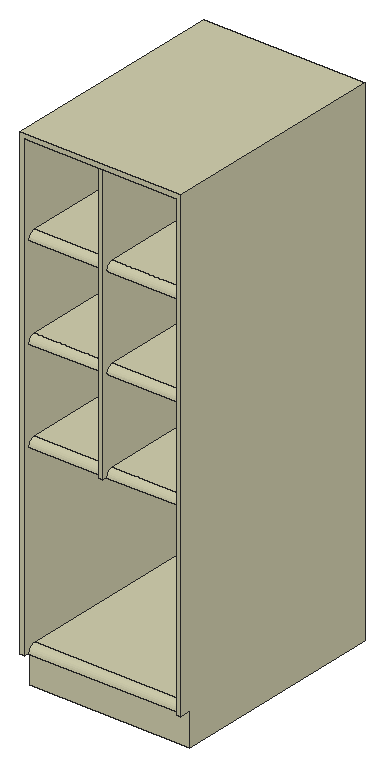
Revit family "Wenger Cabinet 07", category Furniture, Revit 2011
Parameters (values of type "Standard Cabinet #7")
  URL = "http://www.wengercorp.com/Home/Contact.html"
  Toekick Material [instance] = none
  RH End Panel [instance] = no
  Model = "07"
  Manufacturer = "Wenger Corporation"
  LH End Panel [instance] = no
  End Panel Material [instance] = none
  Edge Banding Material [instance] = none
  Door Material [instance] = none
  Description = "Standard Cabinet #7"
  Cabinet Width = 2' - 3 1/2"
  Cabinet Label = Labels : Standard
  Cabinet Height = 7' - 1 5/8"
  Cabinet Depth = 3' - 3 1/4"
  Cabinet Back Thickness = 0' - 0 3/4"
  Assembly Code = ""
Types (4): name | Model | Description | Cabinet Width | Cabinet Label | Cabinet Depth | Cabinet Back Thickness
  Standard Cabinet #7 | "07" | "Standard Cabinet #7" | 2' - 3 1/2" | Labels : Standard | 3' - 3 1/4" | 0' - 0 3/4"
  Acoustic Cabinet #7 | "07A" | "Acoustic Cabinet #7" | 2' - 3 1/2" | Labels : Acoustic | 3' - 5 3/4" | 0' - 3 1/4"
  Narrow Acoustic Cabinet #7 | "07NA" | "Narrow Acoustic Cabinet #7" | 1' - 9 1/2" | Labels : Narrow Acoustic | 3' - 5 3/4" | 0' - 3 1/4"
  Narrow Cabinet #7 | "07N" | "Narrow Cabinet #7" | 1' - 9 1/2" | Labels : Narrow | 3' - 3 1/4" | 0' - 0 3/4"
Reference planes (in)
  plane 1 "Front": y = 0
  plane 2: z = 0
  plane 3 "Left": x = 0
  plane 4 "Right": x = 27.5
  plane 5 "Back": y = 39.25
  plane 6 "Top": z = 85.625
  plane 7: z = 5.625
  plane 8: z = 21.475
  plane 9: z = 37.325
  plane 10: z = 53.175
  plane 11: z = 69.025
  plane 12: x = 0.75
  plane 13: x = 26.75
  plane 14: z = 84.875
  plane 15: x = 13.375
  plane 16: x = 14.125
  plane 17: y = 38.5
  plane 18: y = 2
  plane 19: y = 0.75
  plane 20: z = 22.6
  plane 21: z = 38.45
  plane 22: z = 54.3
  plane 23: z = 70.15
  plane 24: z = 6.75
Forms (in)
  Extrusion 1, solid, material "Wenger - Oyster"
    sketch origin (0, 0, 0) x (0, 1, 0) y (0, 0, 1)
      loop
        line (0, 85.625) -> (0, 5.625) -> (2, 5.625) -> (2, 0) -> (39.25, 0) -> (39.25, 85.625) -> (0, 85.625)
    from 0 to 27.5
  Extrusion 2, void
    sketch origin (0, 0, 0) x (0, 1, 0) y (0, 0, 1)
      loop
        line (-5.5, 84.875) -> (-5.5, 37.325) -> (0.75, 37.325)
        arc (0.75, 37.325) -> (1.18296, 38.10088) -> (2, 38.45) r 1.375
        line (2, 38.45) -> (38.5, 38.45) -> (38.5, 53.175) -> (0.75, 53.175)
        arc (0.75, 53.175) -> (1.18296, 53.95088) -> (2, 54.3) r 1.375
        line (2, 54.3) -> (38.5, 54.3) -> (38.5, 69.025) -> (0.75, 69.025)
        arc (0.75, 69.025) -> (1.18296, 69.80088) -> (2, 70.15) r 1.375
        line (2, 70.15) -> (38.5, 70.15) -> (38.5, 84.875) -> (-5.5, 84.875)
    from 0.75 to 13.375
  Extrusion 3, void
    sketch origin (0, 0, 0) x (0, 1, 0) y (0, 0, 1)
      loop
        line (-5.5, 84.875) -> (-5.5, 37.325) -> (0.75, 37.325)
        arc (0.75, 37.325) -> (1.18296, 38.10088) -> (2, 38.45) r 1.375
        line (2, 38.45) -> (38.5, 38.45) -> (38.5, 53.175) -> (0.75, 53.175)
        arc (0.75, 53.175) -> (1.18296, 53.95088) -> (2, 54.3) r 1.375
        line (2, 54.3) -> (38.5, 54.3) -> (38.5, 69.025) -> (0.75, 69.025)
        arc (0.75, 69.025) -> (1.18296, 69.80088) -> (2, 70.15) r 1.375
        line (2, 70.15) -> (38.5, 70.15) -> (38.5, 84.875) -> (-5.5, 84.875)
    from 14.125 to 26.75
  Extrusion 4, void
    sketch origin (0, 0, 0) x (0, 1, 0) y (0, 0, 1)
      loop
        line (0, 84.875) -> (0, 5.625) -> (0.0625, 5.625) -> (0.0625, 84.875) -> (0, 84.875)
    from 0.75 to 26.75
  Extrusion 5, void
    sketch origin (0, 0, 0) x (0, 1, 0) y (0, 0, 1)
      loop
        arc (0.75, 5.625) -> (1.22263, 6.43197) -> (2.10208, 6.75) r 1.375
        line (2.10208, 6.75) -> (38.5, 6.75) -> (38.5, 37.325) -> (-13.14123, 37.325) -> (-13.14123, 5.625) -> (0.75, 5.625)
    from 0.75 to 26.75
Cuts and joins
  Extrusion 2, Extrusion 3, Extrusion 4, Extrusion 5 cuts Extrusion 1
Lines and regions (in)
  symbolic lines
    curve 1: line (0, 39.25, 0) -> (27.5, 39.25, 0)
    curve 2: line (0, 0, 0) -> (0, 39.25, 0)
    curve 3: line (27.5, 0, 0) -> (0, 0, 0)
    curve 4: line (27.5, 39.25, 0) -> (27.5, 0, 0)
Dimensions and locks (in)
  locked: plane 3 "Left" to plane 12 at 0.75
  locked: plane 15 to plane 16 at 0.75
  locked: plane 13 to plane 4 "Right" at 0.75
  "Cabinet Back Thickness": plane 5 "Back" to plane 17
  locked: plane 1 "Front" to plane 19 at 0.75
  locked: plane 1 "Front" to plane 18 at 2
  locked: plane 20 to plane 8 at 1.125
  locked: plane 21 to plane 9 at 1.125
  locked: plane 22 to plane 10 at 1.125
  locked: plane 23 to plane 11 at 1.125
  locked: plane 6 "Top" to plane 14 at 0.75
  equal spacing: plane 14, plane 11, plane 10, plane 9, plane 8, plane 7
  locked: plane 24 to plane 7 at 1.125
  equal spacing: plane 13, plane 15, plane 3 "Left"
  "Cabinet Width": plane 3 "Left" to plane 4 "Right"
  locked: plane 7 to level at 5.625
  "Cabinet Height": plane 6 "Top" to level
  "Cabinet Depth": plane 1 "Front" to plane 5 "Back"
  plane 12 to plane 13 = 2' - 2"
  plane 14 to plane 7 = 6' - 7 1/4"
  aligned and locked: Extrusion 1 sketch curve to plane 6 "Top"
  aligned and locked: Extrusion 1 sketch curve to plane 5 "Back"
  aligned and locked: Extrusion 1 sketch curve to plane 1 "Front"
  aligned and locked: Extrusion 1 sketch curve to plane 7
  aligned and locked: Extrusion 1 sketch curve to plane 18
  aligned and locked: Extrusion 1 sketch curve to level
  aligned and locked: Extrusion 1 to plane 4 "Right"
  aligned and locked: Extrusion 1 to plane 3 "Left"
  aligned and locked: Extrusion 2 sketch curve to plane 14
  aligned and locked: Extrusion 2 sketch curve to plane 17
  aligned and locked: Extrusion 2 sketch curve to plane 11
  aligned and locked: Extrusion 2 sketch curve to plane 22
  aligned and locked: Extrusion 2 sketch curve to plane 10
  aligned and locked: Extrusion 2 sketch curve to plane 21
  aligned and locked: Extrusion 2 sketch curve to plane 9
  aligned and locked: Extrusion 2 sketch curve to plane 23
  aligned and locked: Extrusion 2 to plane 12
  aligned and locked: plane 15 to Extrusion 2
  aligned and locked: Extrusion 3 to plane 13
  aligned and locked: Extrusion 4 sketch curve to cut or joined group of Extrusion 1, Extrusion 2, Extrusion 3, Extrusion 4, Extrusion 5  (x3)
  aligned and locked: Extrusion 4 to plane 13
  aligned and locked: Extrusion 4 to plane 12
  aligned and locked: plane 3 "Left" to curve 2
  aligned and locked: curve 1 to plane 5 "Back"
  aligned and locked: plane 4 "Right" to curve 4
  aligned and locked: curve 3 to plane 1 "Front"
  aligned and locked: Extrusion 3 to plane 16
  aligned and locked: plane 7 to Extrusion 5 sketch curve
  aligned and locked: plane 24 to Extrusion 5 sketch curve
  aligned and locked: Extrusion 5 sketch curve to plane 17
  aligned and locked: Extrusion 5 sketch curve to plane 9
  aligned and locked: Extrusion 5 to plane 13
  aligned and locked: Extrusion 5 to plane 12
Automatic sketch dimensions
  Extrusion 2 sketch curve to plane 19 = 0' - 0"  (x3)
  Extrusion 2 sketch curve to plane 18 = 0' - 0"  (x3)
  Extrusion 2 sketch curve to plane 17 = 0' - 0"  (x2)
  plane 1 "Front" to Extrusion 2 sketch curve = 0' - 5 1/2"
  Extrusion 2 sketch curve to plane 18 = 0' - 0.10279"  (x3)
  Extrusion 3 sketch curve to plane 14 = 0' - 0"
  Extrusion 3 sketch curve to plane 11 = 0' - 0"
  Extrusion 3 sketch curve to plane 19 = 0' - 0"  (x3)
  Extrusion 3 sketch curve to plane 10 = 0' - 0"
  Extrusion 3 sketch curve to plane 18 = 0' - 0"  (x3)
  Extrusion 3 sketch curve to plane 17 = 0' - 0"  (x3)
  Extrusion 3 sketch curve to plane 21 = 0' - 0"
  Extrusion 3 sketch curve to plane 22 = 0' - 0"
  Extrusion 3 sketch curve to plane 23 = 0' - 0"
  plane 1 "Front" to Extrusion 3 sketch curve = 0' - 5 1/2"
  Extrusion 3 sketch curve to plane 18 = 0' - 0.10279"  (x3)
  plane 19 to Extrusion 4 sketch curve = 0' - 0 11/16"
  Extrusion 3 sketch curve to plane 9 = 0' - 0"
  Extrusion 5 sketch curve to plane 1 "Front" = 0' - 2.10208"
  Extrusion 5 sketch curve to Extrusion 5 sketch curve = 0' - 1.35208"
  plane 1 "Front" to Extrusion 5 sketch curve = 1' - 1.14123"
Nested families (in)
  nested 1: "LH End Panel" at (0, 24.25, 0) x (0, -1, 0) z (0, 0, 1), End Panel Material <- "End Panel Material", visible <- "LH End Panel", Edge Banding Material <- "Edge Banding Material", type "20x84 LH"
    with End Panel Material none, Edge Banding Material none, End Panel Depth 3' - 3 1/4"
  nested 2: "RH End Panel" at (28.25, 24.25, 0) x (0, -1, 0) z (0, 0, 1), End Panel Material <- "End Panel Material", visible <- "RH End Panel", Edge Banding Material <- "Edge Banding Material", type "20x84 RH"
    with End Panel Material none, Edge Banding Material none, End Panel Depth 3' - 3 1/4"
  nested 3: "Labels" at (11.125, 19.28125, 0), type <- "Cabinet Label", type "Standard"
  nested 4: "Front Note" at (11.125, 0.75, 0), type "Front Note", detail levels medium+fine
Definition of nested family "LH End Panel"
  Parameters (values of type "20x84 LH")
    End Panel Material [instance] = none
    End Panel Height = 7' - 1 5/8"
    End Panel Depth = 1' - 7 1/4"
    Edge Banding Material [instance] = none
    Default Elevation = 4' - 0"
    Assembly Code = ""
  Reference planes (in)
    plane 1 "Center (Front/Back)": y = 0
    plane 2: z = 0
    plane 3 "Center (Left/Right)": x = 0
    plane 4: x = -15
    plane 5: x = 4.25
    plane 6: z = 5.625
    plane 7: x = 2.25
    plane 8: z = 85.625
    plane 9: y = -0.75
  Forms (in)
    Extrusion 1, solid, material <- "End Panel Material"
      sketch origin (0, 0, 0) x (1, 0, 0) y (0, 0, 1)
        loop
          line (-15, 85.625) -> (-15, 0) -> (2.25, 0) -> (2.25, 5.625) -> (4.25, 5.625) -> (4.25, 85.625) -> (-15, 85.625)
      from 0 to 0.75
  Dimensions and locks (in)
    locked: plane 7 to plane 5 at 2
    locked: plane 6 to level at 5.625
    "End Panel Height": plane 8 to level
    "End Panel Depth": plane 5 to plane 4
    locked: plane 9 to plane 1 "Center (Front/Back)" at 0.75
    aligned and locked: plane 4 to Extrusion 1 sketch curve
    aligned and locked: level to Extrusion 1 sketch curve
    aligned and locked: plane 7 to Extrusion 1 sketch curve
    aligned and locked: plane 6 to Extrusion 1 sketch curve
    aligned and locked: Extrusion 1 sketch curve to plane 5
    aligned and locked: Extrusion 1 sketch curve to plane 8
    aligned and locked: Extrusion 1 to plane 9
    aligned and locked: Extrusion 1 to plane 1 "Center (Front/Back)"
Definition of nested family "RH End Panel"
  Parameters (values of type "20x84 RH")
    End Panel Material [instance] = none
    End Panel Height = 7' - 1 5/8"
    End Panel Depth = 1' - 7 1/4"
    Edge Banding Material [instance] = none
    Default Elevation = 4' - 0"
    Assembly Code = ""
  Reference planes (in)
    plane 1 "Center (Front/Back)": y = 0
    plane 2: z = 0
    plane 3 "Center (Left/Right)": x = 0
    plane 4: x = -15
    plane 5: x = 4.25
    plane 6: z = 5.625
    plane 7: x = 2.25
    plane 8: z = 85.625
    plane 9: y = -0.75
  Forms (in)
    Extrusion 1, solid, material <- "End Panel Material"
      sketch origin (0, 0, 0) x (1, 0, 0) y (0, 0, 1)
        loop
          line (-15, 85.625) -> (-15, 0) -> (2.25, 0) -> (2.25, 5.625) -> (4.25, 5.625) -> (4.25, 85.625) -> (-15, 85.625)
      from 0 to 0.75
  Dimensions and locks (in)
    locked: plane 7 to plane 5 at 2
    locked: plane 6 to level at 5.625
    "End Panel Height": plane 8 to level
    "End Panel Depth": plane 5 to plane 4
    locked: plane 9 to plane 1 "Center (Front/Back)" at 0.75
    aligned and locked: plane 4 to Extrusion 1 sketch curve
    aligned and locked: level to Extrusion 1 sketch curve
    aligned and locked: plane 7 to Extrusion 1 sketch curve
    aligned and locked: plane 6 to Extrusion 1 sketch curve
    aligned and locked: Extrusion 1 sketch curve to plane 5
    aligned and locked: Extrusion 1 sketch curve to plane 8
    aligned and locked: Extrusion 1 to plane 9
    aligned and locked: Extrusion 1 to plane 1 "Center (Front/Back)"
Definition of nested family "Labels"
  Parameters (values of type "Standard")
    Cabinet Label = "01"
  Types (4): name | Cabinet Label
    Standard | "01"
    Narrow | "01N"
    Narrow Acoustic | "01NA"
    Acoustic | "01A"
  Reference planes (in)
    plane 1: y = 0
    plane 2: x = 0
  Text (in)
    label "xxxx" at (-0.00018, 0.00754, 0), shows "Cabinet Label"
Definition of nested family "Front Note"
  Parameters (values of type "Front Note")
    Cabinet Label = "Front"
  Reference planes (in)
    plane 1: y = 0
    plane 2: x = 0
  Text (in)
    label "Front" at (-0.00018, 0.00754, 0), shows "Cabinet Label"
